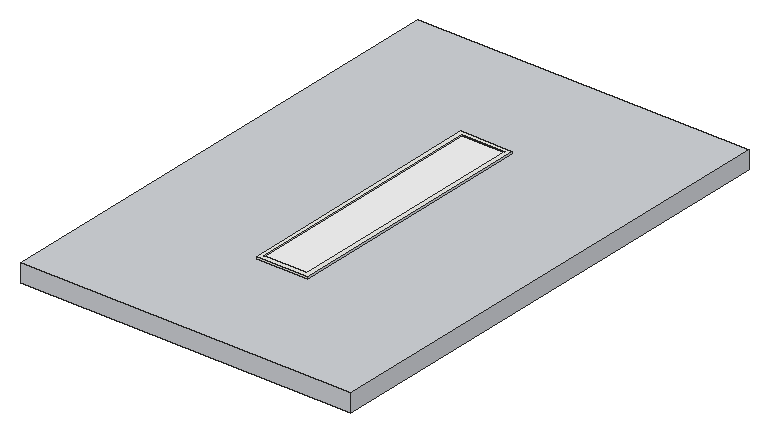
Revit family "FPL3-EE1545xxWS830840MPS0500", category Leuchten, Revit 2019
Family settings
  Basisbauteil = Fläche
  Bemaßung runder Anschluss = Durchmesser verwenden
  Teiletyp = Normal
  OmniClass-Nummer = 23.80.70.11
  OmniClass-Titel = Luminaries for Internal Lighting
  Beim Laden mit Abzugskörper schneiden = Nein
  Lichtquelle = Ja
  Gemeinsam genutzt = Nein
  Raumberechnungspunkt = Nein
Parameters (values of type "FPL3-EE1545DAWS830840MPS0500")
  width = 310 mm
  weight = "5,15 kg"
  voltage type (AC, DC, UC) = "AC"
  suspension hight [instance] = 0 mm
  rated input power = 33
  product name = "FPL3-EE1545DAWS830840MPS0500"
  nominal voltage = "230"
  nominal frequency = "50-60Hz"
  length = 1545 mm
  ingress protection (IP) code = "IP20"
  height = 13 mm
  electrical safety class = "1"
  control gear = ""
  conformity mark = "CE"  # constant formula
  brand = "RIDI"
  approval mark = ""
  built-in parameter 1150104 = 13.8 (stored number, unit not read)
  Wattage = 26.2552 W
  Default Elevation = 0 mm
  Von Länge des Rechtecks aussenden = 260 mm
  Von Breite des Rechtecks ausssenden = 1495 mm
  built-in parameter 1150113 = 1 (stored number, unit not read)
  built-in parameter 1114218 = 1 (stored number, unit not read)
  URL = "www.ridi.de"
  built-in parameter 1150134 = 12
  built-in parameter 1150109 = 1 (stored number, unit not read)
  built-in parameter 1150110 = 1 (stored number, unit not read)
  Apparent Load = 33 VA
  Tilt Angle = 90.00°
  Modell = "0832998"
  built-in parameter 1114217 = 1 (stored number, unit not read)
  built-in parameter 1150139 = (empty or 0)
  built-in parameter 1150105 = 1893.5 (stored number, unit not read)
  built-in parameter 1150114 = 1 (stored number, unit not read)
  Lumens = 3900 lm
  built-in parameter 1150115 = 1 (stored number, unit not read)
  built-in parameter 1150112 = 1 (stored number, unit not read)
  Lampe = "LED"
  Hersteller = "RIDI Leuchten GmbH"  # constant formula
  Dimming Lamp Color Temperature Shift = (empty or 0)
  Color Filter = 16777215
  built-in parameter 1150133 = 10 (stored number, unit not read)
  Emit Shape Visible in Rendering = no
  built-in parameter 1150137 = (empty or 0)
  built-in parameter 1150132 = 2
  Datei für fotometrisches Netz = "FPL3-EE.IES"
  Copyright = "© RIDI. All rights reserved."  # constant formula
  built-in parameter 1150106 = 18.935 (stored number, unit not read)
  Baugruppenkennzeichen = "D5020200"
  built-in parameter 1150107 = 4000 (stored number, unit not read)
  built-in parameter 1150102 = (empty or 0)
  built-in parameter 1150138 = (empty or 0)
Types (3, lengths in mm): name | product name | Modell
  (no name) | "FPL3-EE1545DAWS830840MPS0500" | "0832998"
  FPL3-EE1545NDWS830840MPS0500 | "FPL3-EE1545NDWS830840MPS0500" | "0822998"
  FPL3-EE1545DAWS830840MPS0500 | "FPL3-EE1545DAWS830840MPS0500" | "0832998"
Reference planes
  plane 1 "Mitte (Vorne/hinten)": y = 0
  plane 2: z = 0
  plane 3 "Mitte (Links/rechts)": x = 0
  plane 4: z = 0
Forms (mm)
  Extrusion 1, solid
    sketch origin (219.2, 280.8, 0) x (1, 0, 0) y (0, 1, 0)
      loop
        line (-1219.2, 1219.2) -> (-1219.2, -1780.8) -> (780.8, -1780.8) -> (780.8, 1219.2) -> (-1219.2, 1219.2)
    from 0 to -107.307
  Extrusion 2, solid
    sketch origin (0.233, 0, 0) x (1, 0, 0) y (0, 1, 0)
      loop
        circle (-0.341, -477.926) r 1.5
    from 1.31 to 0
  Extrusion 3, solid
    sketch origin (0, 0, 0) x (1, 0, 0) y (0, 1, 0)
      loop
        line (-155, 772.5) -> (-155, -772.5) -> (155, -772.5) -> (155, 772.5) -> (-155, 772.5)
    from 0 to 13
  Extrusion 4, void
    sketch origin (0, 0, 0) x (1, 0, 0) y (0, 1, 0)
      loop
        line (-130, 747.5) -> (-130, -747.5) -> (130, -747.5) -> (130, 747.5) -> (-130, 747.5)
    from 10 to 13
  Extrusion 5, solid
    sketch origin (0, 0, 0) x (1, 0, 0) y (0, 1, 0)
      loop
        circle (0, 727.5) r 2
      loop
        circle (0, -727.5) r 2
      loop
        circle (0, 0) r 2
    from 0 to 1
Cuts and joins
  Extrusion 4 cuts Extrusion 3
Lines and regions (mm)
  reference lines
    curve 1: line (0, 802.513, 13) -> (0, -717.487, 13)
    curve 2: line (0, 791.999, 10) -> (0, 156.999, 10)
Dimensions and locks
  "suspension hight": plane 4 to Extrusion 1
  Extrusion 4 sketch curve to Extrusion 3 = 25 mm  (x3)
  Extrusion 3 to Extrusion 4 sketch curve = 25 mm
  curve 1 to plane 4 = 13 mm
  curve 2 to curve 1 = 3 mm
  locked: cut or joined group of Extrusion 3, Extrusion 4 to Extrusion 2 at 8.69
  locked: cut or joined group of Extrusion 3, Extrusion 4 to Extrusion 5 sketch curve at 45  (x2)
  locked: curve 1 to Extrusion 5 sketch curve
  locked: Extrusion 5 sketch curve to curve 1 at 0
  locked: Extrusion 5 to cut or joined group of Extrusion 3, Extrusion 4 at 1
  locked: Extrusion 3 sketch curve to Extrusion 3 sketch curve at 310
  locked: Extrusion 3 sketch curve to curve 1 at 155
  locked: Extrusion 3 sketch curve to Extrusion 3 sketch curve at 1545
  locked: plane 1 "Mitte (Vorne/hinten)" to Extrusion 3 sketch curve at 772.5
  aligned and locked: plane 2 to Extrusion 1
  aligned and locked: level to Extrusion 1
  aligned and locked: Extrusion 3 to Extrusion 4
  aligned and locked: cut or joined group of Extrusion 3, Extrusion 4 to plane 4
  aligned and locked: Extrusion 3 to curve 1
  aligned and locked: curve 2 to Extrusion 4
  aligned and locked: Extrusion 2 to plane 4
  aligned and locked: cut or joined group of Extrusion 3, Extrusion 4 to Extrusion 2
  aligned and locked: imposter light to cut or joined group of Extrusion 3, Extrusion 4
  aligned and locked: Extrusion 5 to Extrusion 1
Automatic sketch dimensions
  Extrusion 1 sketch curve to Extrusion 1 sketch curve = 2000 mm
  Extrusion 1 sketch curve to Extrusion 1 sketch curve = 3000 mm
  Extrusion 2 sketch curve to plane 3 "Mitte (Links/rechts)" = 0.107 mm
  plane 1 "Mitte (Vorne/hinten)" to Extrusion 2 sketch curve = 477.926 mm
  plane 1 "Mitte (Vorne/hinten)" to curve 1 = 717.487 mm
  curve 2 to plane 1 "Mitte (Vorne/hinten)" = 156.999 mm
  curve 2 to curve 2 = 635 mm
  curve 2 to curve 1 = 10.515 mm
  plane 1 "Mitte (Vorne/hinten)" to Extrusion 5 sketch curve = 0 mm
  Extrusion 5 sketch curve to plane 3 "Mitte (Links/rechts)" = 0 mm
  radius of Extrusion 2 sketch curve = 1.5 mm
  radius of Extrusion 5 sketch curve = 2 mm  (x3)
Connectors
  electrical at (-0.107, -477.926, 0)
    settings: on Extrusion 2, index 1, voltage 230 V, apparent load 0 VA, apparent load phase1 33 VA, apparent load phase2 0 VA, apparent load phase3 0 VA, power factor 1, load classification "Lighting", number of poles 1, system type 31, power factor state 1, is connector primary yes, connector utility no, sub classification motor no, connector description ""
